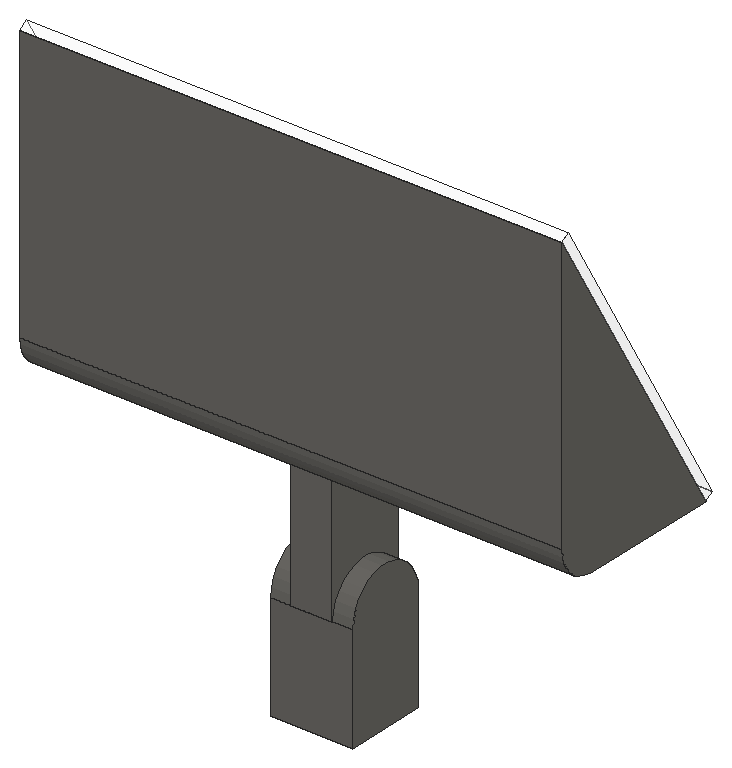
Revit family
Parameters
  Wattage = 150 W
  built-in parameter 1150110 = 1 (stored number, unit not read)
  built-in parameter 1114217 = 1 (stored number, unit not read)
  built-in parameter 1150109 = 1 (stored number, unit not read)
  built-in parameter 1150134 = 3
  built-in parameter 1150113 = 1 (stored number, unit not read)
  Material Light Fitting = Metal - Grey Dark
  Material Lamp Glazing = Glass - White Frosted
  built-in parameter 1150105 = 859.44 (stored number, unit not read)
  Lumens = 2700 lm
  built-in parameter 1150115 = 1 (stored number, unit not read)
  Light Source Symbol Size = 609.6 mm
  built-in parameter 1150137 = (empty or 0)
  built-in parameter 1150139 = (empty or 0)
  built-in parameter 1150112 = 1 (stored number, unit not read)
  built-in parameter 1150114 = 1 (stored number, unit not read)
  built-in parameter 1150132 = (empty or 0)
  built-in parameter 1150102 = (empty or 0)
  built-in parameter 1150107 = 3200 (stored number, unit not read)
  built-in parameter 1150138 = (empty or 0)
  built-in parameter 1150106 = 8.5944 (stored number, unit not read)
  built-in parameter 1150104 = 1.6723 (stored number, unit not read)
  Dimming Lamp Color Temperature Shift = (empty or 0)
  Color Filter = 16777215
  built-in parameter 1114218 = 1 (stored number, unit not read)
  built-in parameter 1150133 = 10 (stored number, unit not read)
Reference planes
  plane 1 "Light Source Axis (F/B)": through (0, 107.04, 34.496) normal (0, -0.866, -0.5)
  plane 2: z = 0
  plane 3 "Light Source Axis (L/R)": x = 0
  plane 4 "Light Source Elevation": through (0, 1220.772, 888.817) normal (0, 0.5, -0.866)
  plane 5: y = 0
  plane 6: through (-7000, 15.541, 192.976) normal (0, 0.5, -0.866)
Forms (mm)
  Extrusion 1, solid, material "Metal - Grey Dark" <- "Material Light Fitting"
    sketch origin (-40, 5, 0) x (0, 1, 0) y (0, 0, 1)
      loop
        line (-25, 0) -> (15, 0) -> (15, 52)
        arc (15, 52) -> (-5, 72) -> (-25, 52) r 20
        line (-25, 52) -> (-25, 0)
    from 20 to 60
  Extrusion 2, solid, material "Metal - Grey Dark" <- "Material Light Fitting"
    sketch origin (-132.5, 87.301, 52) x (0, 0, -1) y (0, -1, 0)
      loop
        line (-80, 120) -> (-214.531, 120) -> (-62.422, 32.18) -> (-62.422, 102.422)
        arc (-62.422, 102.422) -> (-67.57, 114.851) -> (-80, 120) r 17.578
    from 0 to -265
  Extrusion 3, solid, material "Metal - Grey Dark" <- "Material Light Fitting"
    sketch origin (10, 52, 52) x (0, 0, 1) y (0, -1, 0)
      loop
        arc (0, 72) -> (20, 52) -> (0, 32) r 20
        line (0, 32) -> (62.422, 32) -> (62.422, 72) -> (0, 72)
    from 0 to -20
  Extrusion 4, solid, material "Glass - White Frosted" <- "Material Lamp Glazing"
    sketch origin (-132.5, 87.301, 52) x (0, 0, -1) y (0, -1, 0)
      loop
        line (-214.531, 120) -> (-217.031, 115.67) -> (-64.922, 27.85) -> (-62.422, 32.18) -> (-214.531, 120)
    from 0 to -265
Lines and regions (mm)
  Masking region 1
    outline origin (0, 0, 0) x (1, 0, 0) y (0, 1, 0)
      loop
        line (-132.5, 59.451) -> (-132.5, -32.699) -> (132.5, -32.699) -> (132.5, 59.451) -> (-132.5, 59.451)
  symbolic lines
    curve 1: line (-132.5, 59.451, 0) -> (132.5, 59.451, 0)
    curve 2: line (-132.5, -32.699, 0) -> (-132.5, 59.451, 0)
    curve 3: line (132.5, -32.699, 0) -> (-132.5, -32.699, 0)
    curve 4: line (132.5, 59.451, 0) -> (132.5, -32.699, 0)
Dimensions and locks
  Extrusion 3 sketch curve to Extrusion 3 sketch curve = 62.422 mm
  angle Extrusion 3 sketch curve to Extrusion 2 = 90.00°
  aligned and locked: level to plane 2
  aligned and locked: plane 3 "Light Source Axis (L/R)" to imposter light
  aligned and locked: plane 1 "Light Source Axis (F/B)" to Extrusion 4
  aligned and locked: plane 1 "Light Source Axis (F/B)" to imposter light
  aligned and locked: plane 4 "Light Source Elevation" to plane 6
  aligned and locked: imposter light to plane 4 "Light Source Elevation"
  aligned and locked: curve 1 to Extrusion 4  (x2)
  aligned and locked: curve 4 to Extrusion 2
  aligned and locked: curve 4 to Extrusion 4
  aligned and locked: Masking region 1 sketch curve to Extrusion 4  (x3)
  aligned and locked: Masking region 1 sketch curve to Extrusion 2
